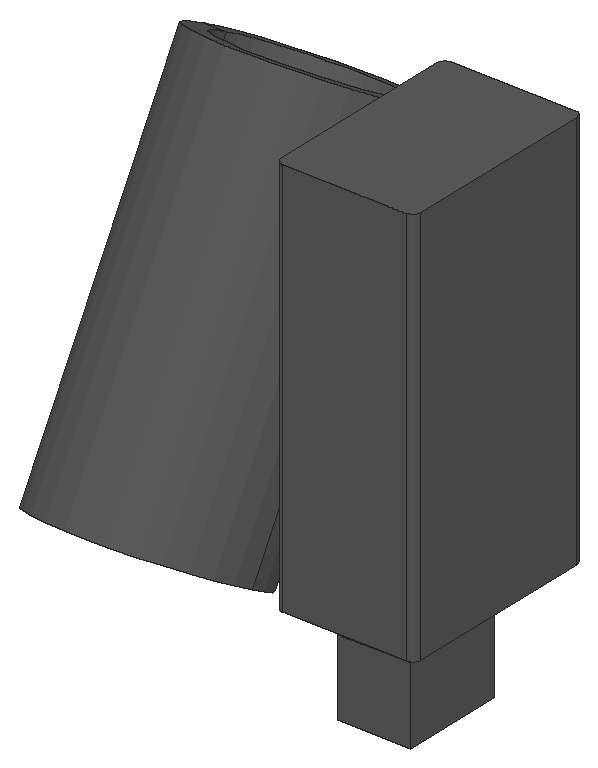
Revit family "AKTMDLED", category Lighting Fixtures, host Face, Revit 2014
Parameters (values of type "AKTMDLED-BL")
  zz Angle1 = if(Tilt Angle < 10.00°, 10.00°, if(Tilt Angle > 160.00°, 160.00°, Tilt Angle))  # 120.00°
  Wattage Comments = "24 W"
  Voltage = 120 V
  URL = "https://www.hubbell.com/prescolite/en"
  Total Input Wattage = 24 W
  Tilt Angle = 120.00°
  Power Factor = 1
  Load Classification = Lighting
  Lens = Hubbell-Glass
  Product Page URL = "https://www.hubbell.com/prescolite/en/Products/Lighting-Controls/Commercial-Indoor-Lighting/Track-Lighting-Systems/AKTMDLED/p/2057655"
  Product Documentation Link = "https://hubbellcdn.com/specsheet/atrk_051.pdf"
  Photometric Web [instance] = Web : AKTMDLED15L30K8FL35BL
  Model = "AKTMDLED"  # constant formula
  Manufacturer = "Prescolite"  # constant formula
  Lamp = "LED"
  Fixture Color = Hubbell-Paint-Black
  Features = "High Output - 900 up to 2500 delivered lumens\r\nAvailable in 2700K, 3000K, or 3500K\r\n80 or 90 CRI\r\n2-Step MacAdam Ellipse Color Consistency\r\nFactory configurable beam spread options - 18° to 55°\r\nHigh performance driver compatible with forward and reverse phases dimming controls\r\nEquipped with integral heat sink providing a minimum of 50,000 hrs at 80% lumen maintenance\r\nLuminaires are certified by a National Recognized Testing Lab (NTRL), either UL or CSA\r\n5-year warranty"  # constant formula
  Description = "The AKTM Series of line voltage LED track heads provide powerful, high quality light for commercial and retail applications with long life and significant energy savings."  # constant formula
  Default Elevation = 48.000"
  Contact = "https://www.hubbell.com/prescolite/en/contactUs"
  Assembly Code = "D5020210"
  Application = "Meeting Room, Commons Areas, Classrooms and Offices, Halls/Dorms, Lobby, Conference Room"  # constant formula
  Apparent Load = Total Input Wattage / Power Factor  # 24 VA
Types (2): name | Photometric Web | Fixture Color
  AKTMDLED-BL | Web : AKTMDLED15L30K8FL35BL | Hubbell-Paint-Black
  AKTMDLED-WH | Web : AKTMDLED15L30K8MD25BL | Hubbell-Paint-White
Reference planes (in)
  plane 1 "Center (Front/Back)": y = 0
  plane 2: z = 0
  plane 3 "Center (Left/Right)": x = 0
  plane 4: z = 4
  plane 5: z = 0.2
  plane 6: z = 6.75
  plane 7: y = 1.375
  plane 8: y = -1.375
  plane 9: x = 1.75
  plane 10: x = 0.24994
  plane 11: z = 1.5
  plane 12: z = 1
  plane 13: y = 0.375
  plane 14: y = -0.3125
  plane 15: x = 0.99997
  plane 16: x = 0.74997
  plane 17: x = 1.24997
  plane 18: y = 0.66082
  plane 19: y = -0.69429
  plane 20: x = 1.94994
  plane 21: x = 1.48164
  plane 22: x = 0.52734
  plane 23: x = 2.07494
Forms (in)
  Extrusion 1, solid, material "Hubbell-Paint-Black" <- "Fixture Color"
    sketch origin (0, 0, 0) x (0, 1, 0) y (0, 0, 1)
      loop
        circle (0, 4) r 0.25
    from -0.25 to 0.25
  Extrusion 2, solid, material "Hubbell-Paint-Black" <- "Fixture Color"
    sketch origin (0, 0, 0) x (1, 0, 0) y (0, 1, 0)
      loop
        arc (0.34994, 1.375) -> (0.27923, 1.34571) -> (0.24994, 1.275) r 0.1
        line (0.24994, 1.275) -> (0.24994, -1.275)
        arc (0.24994, -1.275) -> (0.27923, -1.34571) -> (0.34994, -1.375) r 0.1
        line (0.34994, -1.375) -> (1.97494, -1.375)
        arc (1.97494, -1.375) -> (2.04565, -1.34571) -> (2.07494, -1.275) r 0.1
        line (2.07494, -1.275) -> (2.07494, 1.275)
        arc (2.07494, 1.275) -> (2.04565, 1.34571) -> (1.97494, 1.375) r 0.1
        line (1.97494, 1.375) -> (0.34994, 1.375)
    from 1.5 to 6.75
  Extrusion 3, solid, material "Hubbell-Paint-Black" <- "Fixture Color"
    sketch origin (0, 0, 0) x (1, 0, 0) y (0, 1, 0)
      loop
        line (0.74997, 0.375) -> (0.74997, -0.3125) -> (1.24997, -0.3125) -> (1.24997, 0.375) -> (0.74997, 0.375)
    from 1 to 1.5
  Extrusion 4, solid, material "Hubbell-Paint-Black" <- "Fixture Color"
    sketch origin (0, 0, 0) x (1, 0, 0) y (0, 1, 0)
      loop
        line (0.52734, 0.66082) -> (0.52734, -0.69429) -> (1.48164, -0.69429) -> (1.48164, 0.66082) -> (0.52734, 0.66082)
    from 0 to 1
Cuts and joins
  joined: Extrusion 2, Extrusion 3, Extrusion 4
Lines and regions (in)
  reference lines
    curve 1: line (1.75, 0, 0) -> (2.55045, 0, 0)
Dimensions and locks (in)
  locked: plane 5 to plane 2 at 0.2
  locked: plane 4 to plane 2 at 4
  locked: plane 6 to plane 4 at 2.75
  equal spacing: plane 7, plane 1 "Center (Front/Back)", plane 8
  plane 7 to plane 8 = 2.750"
  locked: plane 8 to plane 1 "Center (Front/Back)" at 1.375
  locked: plane 10 to plane 9 at 1.50006
  plane 4 to plane 11 = 2.500"
  locked: plane 11 to plane 12 at 0.5
  plane 12 to plane 2 = 1.000"
  locked: plane 7 to plane 13 at 1
  locked: plane 14 to plane 1 "Center (Front/Back)" at 0.3125
  equal spacing: plane 10, plane 15, plane 9, locked at 0.75003 each
  plane 16 to plane 15 to plane 17 = 0.250" locked, 0.250" locked
  plane 18 to plane 1 "Center (Front/Back)" to plane 19 = 0.66082" locked, 0.69429" locked
  locked: nested 1 to plane 20 at 4.75
  plane 22 to plane 15 to plane 21 = 0.47263" locked, 0.48167" locked
  locked: plane 20 to plane 23 at 0.125
  "zz Angle1": angle plane 1 "Center (Front/Back)" to nested 1
  aligned and locked: plane 2 to host face
  aligned and locked: level to host face
  aligned and locked: plane 4 to nested 1
  aligned and locked: plane 1 "Center (Front/Back)" to nested 1
  aligned and locked: Extrusion 2 sketch curve to plane 7
  aligned and locked: Extrusion 2 sketch curve to plane 10
  aligned and locked: plane 8 to Extrusion 2 sketch curve
  aligned and locked: plane 6 to Extrusion 2
  aligned and locked: Extrusion 2 to plane 11
  aligned and locked: Extrusion 3 sketch curve to plane 13
  aligned and locked: Extrusion 3 sketch curve to plane 16
  aligned and locked: Extrusion 3 sketch curve to plane 14
  aligned and locked: plane 17 to Extrusion 3 sketch curve
  aligned and locked: Extrusion 3 to plane 12
  aligned and locked: Extrusion 3 to Extrusion 2
  aligned and locked: Extrusion 4 sketch curve to plane 18
  aligned and locked: plane 19 to Extrusion 4 sketch curve
  aligned and locked: Extrusion 4 to plane 2
  aligned and locked: plane 12 to Extrusion 4
  aligned and locked: plane 21 to cut or joined group of Extrusion 2, Extrusion 3, Extrusion 4
  aligned and locked: plane 22 to cut or joined group of Extrusion 2, Extrusion 3, Extrusion 4
  aligned and locked: nested 2 to nested 1  (x2)
  aligned and locked: plane 23 to Extrusion 2 sketch curve
Automatic sketch dimensions
  host sketch curve to host sketch curve = 96.000"  (x2)
  plane 1 "Center (Front/Back)" to curve 1 = 0.000"
  plane 3 "Center (Left/Right)" to curve 1 = 1.750"
  curve 1 to curve 1 = 0.80045"
  Extrusion 1 sketch curve to Extrusion 1 sketch curve = 0.000"  (x2)
  Extrusion 1 sketch curve to plane 4 = 0.000"
  Extrusion 1 sketch curve to plane 1 "Center (Front/Back)" = 0.000"
  plane 1 "Center (Front/Back)" to Extrusion 1 sketch curve = 0.250"
  plane 16 to Extrusion 4 sketch curve = 0.22263"
  Extrusion 4 sketch curve to plane 17 = 0.23167"
  Extrusion 2 sketch curve to plane 10 = 0.100"  (x2)
  Extrusion 2 sketch curve to plane 20 = 0.025"  (x2)
Nested families (in)
  nested 1: "AKTMDLED Model" at (-0.00006, 0, 4) x (0, 0.866, -0.5) z (1, 0, 0), type "AKTMDLED Model"
  nested 2: "Web" at (-1.46505, 0.91805, 6.06804) x (0, -0.866, 0.5) z (0, 0.5, 0.866), type <- "Photometric Web", type "AKTMDLED15L30K8FL35BL"
Connectors (in)
  electrical at (1.00449, -0.01673, 0), driven by "Voltage", driven by "Apparent Load", driven by "Load Classification", driven by "Power Factor"
    settings: on cut or joined group of Extrusion 2, Extrusion 3, Extrusion 4, index 1, voltage 120 V, apparent load 24 VA, apparent load phase1 0 VA, apparent load phase2 0 VA, apparent load phase3 0 VA, power factor 1, load classification "Lighting", number of poles 1, system type 30, power factor state 1, is connector primary yes, connector utility no, sub classification motor no, connector description "Lighting Connector"
Definition of nested family "AKTMDLED Model"
  Parameters (values of type "AKTMDLED Model")
    URL = ""
    Product Page URL = ""
    Product Documentation Link = ""
    Manufacturer Phone = ""
    Manufacturer Fax = ""
    Manufacturer = ""
    Lens = Hubbell-Glass
    Finish = Hubbell-Paint-White
  Reference planes (in)
    plane 1 "Center (Front/Back)": y = 0
    plane 2: z = 0
    plane 3 "Center (Left/Right)": x = 0
    plane 4: y = 4.5
    plane 5: x = -4.246
    plane 6: y = 2.25
    plane 7: z = 0.25
    plane 8: z = -0.25
    plane 9: z = 0
    plane 10: through (0, 0, 48) normal (0.8192, 0.5736, 0)
    plane 11: y = 0
    plane 12: x = -1.375
  Forms (in)
    Extrusion 1, solid, material "Hubbell-Paint-White" <- "Finish"
      sketch origin (0, 0, 0) x (1, 0, 0) y (0, 1, 0)
        loop
          circle (0, 0) r 0.25
      from -0.25 to 0.25
    Revolve 2, solid, material "Hubbell-Paint-White" <- "Finish"
      sketch origin (0, 0, 0) x (0, 1, 0) y (0, 0, -1)
        loop
          line (2.5, 2.8) -> (-2.75, 2.8) -> (-2.75, 1.425) -> (0.59307, 1.425) -> (0.59307, 2.5) -> (2.5, 2.5) -> (2.5, 2.8)
        axis (2.5, 1.425) -> (-2.75, 1.425)
      angle from 0 to 360
    Revolve 3, solid, material "Hubbell-Glass" <- "Lens"
      sketch origin (0, 0, 0) x (0, 1, 0) y (0, 0, 1)
        loop
          line (2.15, -0.34414) -> (2.15, -1.425) -> (2.25, -1.425) -> (2.25, -0.34414) -> (2.15, -0.34414)
        axis (2.15, -1.425) -> (2.25, -1.425)
      angle from 0 to 360
  Cuts and joins
    joined: Extrusion 1, Revolve 2
  Lines and regions (in)
    reference lines
      curve 1: line (0, 0, 0) -> (0.87865, 0, 0)
      curve 2: line (0, 0, 0) -> (0, 0.29239, 0)
      curve 3: line (0, 3.06075, -1.425) -> (0, -2.75, -1.425)
    model lines, not visible
      curve 4: line (-1.375, 0, -1.425) -> (1.625, 0, -1.425)
      curve 5: line (0, 0, 0.74748) -> (0, 0, -4.17138)
    model lines
      curve 6: line (-1.375, -2.75, -1.425) -> (-1.375, -0.25, -1.425)
      curve 7: line (-1.36416, -2.75, -1.25267) -> (-1.36416, -0.25, -1.25267)
      curve 8: line (-1.36416, -2.75, -1.59733) -> (-1.36416, -0.25, -1.59733)
      curve 9: line (-1.3318, -2.75, -1.76695) -> (-1.3318, -0.25, -1.76695)
      curve 10: line (-1.27844, -2.75, -1.93117) -> (-1.27844, -0.25, -1.93117)
      curve 11: line (-1.20492, -2.75, -2.08741) -> (-1.20492, -0.25, -2.08741)
      curve 12: line (-1.1124, -2.75, -2.2332) -> (-1.1124, -0.25, -2.2332)
      curve 13: line (-1.00233, -2.75, -2.36625) -> (-1.00233, -0.25, -2.36625)
      curve 14: line (-0.87646, -2.75, -2.48446) -> (-0.87646, -0.25, -2.48446)
      curve 15: line (-0.73676, -2.75, -2.58595) -> (-0.73676, -0.25, -2.58595)
      curve 16: line (-0.58545, -2.75, -2.66914) -> (-0.58545, -0.25, -2.66914)
      curve 17: line (-0.4249, -2.75, -2.7327) -> (-0.4249, -0.25, -2.7327)
      curve 18: line (-0.25765, -2.75, -2.77564) -> (-0.25765, -0.25, -2.77564)
      curve 19: line (-0.08634, -2.75, -2.79729) -> (-0.08634, -0.25, -2.79729)
      curve 20: line (0.08634, -2.75, -2.79729) -> (0.08634, -0.25, -2.79729)
      curve 21: line (0.25765, -2.75, -2.77564) -> (0.25765, -0.25, -2.77564)
      curve 22: line (0.4249, -2.75, -2.7327) -> (0.4249, -0.25, -2.7327)
      curve 23: line (0.58545, -2.75, -2.66914) -> (0.58545, -0.25, -2.66914)
      curve 24: line (0.73676, -2.75, -2.58595) -> (0.73676, -0.25, -2.58595)
      curve 25: line (0.87646, -2.75, -2.48446) -> (0.87646, -0.25, -2.48446)
      curve 26: line (1.00233, -2.75, -2.36625) -> (1.00233, -0.25, -2.36625)
      curve 27: line (1.1124, -2.75, -2.2332) -> (1.1124, -0.25, -2.2332)
      curve 28: line (1.20492, -2.75, -2.08741) -> (1.20492, -0.25, -2.08741)
      curve 29: line (1.27844, -2.75, -1.93117) -> (1.27844, -0.25, -1.93117)
      curve 30: line (1.3318, -2.75, -1.76695) -> (1.3318, -0.25, -1.76695)
      curve 31: line (1.36416, -2.75, -1.59733) -> (1.36416, -0.25, -1.59733)
      curve 32: line (1.375, -2.75, -1.425) -> (1.375, -0.25, -1.425)
      curve 33: line (1.36416, -2.75, -1.25267) -> (1.36416, -0.25, -1.25267)
      curve 34: line (1.3318, -2.75, -1.08305) -> (1.3318, -0.25, -1.08305)
      curve 35: line (1.27844, -2.75, -0.91883) -> (1.27844, -0.25, -0.91883)
      curve 36: line (1.20492, -2.75, -0.76259) -> (1.20492, -0.25, -0.76259)
      curve 37: line (1.1124, -2.75, -0.6168) -> (1.1124, -0.25, -0.6168)
      curve 38: line (1.00233, -2.75, -0.48375) -> (1.00233, -0.25, -0.48375)
      curve 39: line (0.87646, -2.75, -0.36554) -> (0.87646, -0.25, -0.36554)
      curve 40: line (0.73676, -2.75, -0.26405) -> (0.73676, -0.25, -0.26405)
      curve 41: line (0.58545, -2.75, -0.18086) -> (0.58545, -0.25, -0.18086)
      curve 42: line (0.4249, -2.75, -0.1173) -> (0.4249, -0.25, -0.1173)
      curve 43: line (0.25765, -2.75, -0.07436) -> (0.25765, -0.25, -0.07436)
      curve 44: line (0.08634, -2.75, -0.05271) -> (0.08634, -0.25, -0.05271)
      curve 45: line (-0.08634, -2.75, -0.05271) -> (-0.08634, -0.25, -0.05271)
      curve 46: line (-0.25765, -2.75, -0.07436) -> (-0.25765, -0.25, -0.07436)
      curve 47: line (-0.4249, -2.75, -0.1173) -> (-0.4249, -0.25, -0.1173)
      curve 48: line (-0.58545, -2.75, -0.18086) -> (-0.58545, -0.25, -0.18086)
      curve 49: line (-0.73676, -2.75, -0.26405) -> (-0.73676, -0.25, -0.26405)
      curve 50: line (-0.87646, -2.75, -0.36554) -> (-0.87646, -0.25, -0.36554)
      curve 51: line (-1.00233, -2.75, -0.48375) -> (-1.00233, -0.25, -0.48375)
      curve 52: line (-1.1124, -2.75, -0.6168) -> (-1.1124, -0.25, -0.6168)
      curve 53: line (-1.20492, -2.75, -0.76259) -> (-1.20492, -0.25, -0.76259)
      curve 54: line (-1.27844, -2.75, -0.91883) -> (-1.27844, -0.25, -0.91883)
      curve 55: line (-1.3318, -2.75, -1.08305) -> (-1.3318, -0.25, -1.08305)
  Dimensions and locks (in)
    equal spacing: plane 4, plane 6, plane 1 "Center (Front/Back)"
    plane 4 to plane 1 "Center (Front/Back)" = 4.500"
    locked: Revolve 2 sketch curve to plane 8 at 2.55
    Revolve 2 sketch curve to Revolve 2 sketch curve = 0.300"
    locked: Revolve 2 sketch curve to Revolve 2 sketch curve at 1.375
    aligned and locked: plane 8 to Extrusion 1
    aligned and locked: plane 7 to Extrusion 1
    aligned and locked: plane 11 to curve 1
    aligned and locked: Revolve 2 sketch curve to Revolve 2 sketch curve
    aligned and locked: Revolve 3 sketch curve to Revolve 3 sketch curve
  Automatic sketch dimensions
    plane 1 "Center (Front/Back)" to Extrusion 1 sketch curve = 0.000"
    Extrusion 1 sketch curve to plane 3 "Center (Left/Right)" = 0.000"
    curve 2 to plane 3 "Center (Left/Right)" = 0.000"
    plane 3 "Center (Left/Right)" to curve 1 = 0.87865"
    curve 1 to curve 2 = 0.29239"
    plane 1 "Center (Front/Back)" to Revolve 2 sketch curve = 0.59307"
    Revolve 2 sketch curve to Revolve 2 sketch curve = 3.34307"
    Revolve 2 sketch curve to Revolve 2 sketch curve = 1.17543"
    Revolve 2 sketch curve to plane 6 = 0.250"
    plane 4 to Revolve 2 sketch curve = 0.92543"
    Revolve 3 sketch curve to plane 6 = 0.000"
    Revolve 3 sketch curve to plane 6 = 0.100"
    Revolve 3 sketch curve to Revolve 3 sketch curve = 0.76529"
    plane 8 to Revolve 3 sketch curve = 1.175"
    plane 1 "Center (Front/Back)" to Revolve 3 sketch curve = 2.750"
    plane 8 to Revolve 3 sketch curve = 0.09414"
    plane 8 to curve 3 = 1.175"
    plane 1 "Center (Front/Back)" to curve 3 = 2.750"
    plane 6 to curve 3 = 0.81075"
    curve 5 to plane 3 "Center (Left/Right)" = 0.000"
    curve 4 to plane 3 "Center (Left/Right)" = 1.375"
    plane 3 "Center (Left/Right)" to curve 4 = 1.625"
    plane 8 to curve 5 = 3.92138"
    plane 8 to curve 4 = 1.175"
    plane 7 to curve 5 = 0.49748"
    radius of Extrusion 1 sketch curve = 0.250"
Definition of nested family "Web"
  Parameters (values of type "AKTMDLED15L30K8XFL55BL")
    Wattage Comments = ""
    Wattage = 22.8 W
    built-in parameter 1150110 = 1 (stored number, unit not read)
    URL = ""
    built-in parameter 1114217 = 1 (stored number, unit not read)
    Tilt Angle = 90.00°
    built-in parameter 1150109 = 1 (stored number, unit not read)
    built-in parameter 1150134 = (empty or 0)
    built-in parameter 1150113 = 1 (stored number, unit not read)
    Product Page URL = ""
    Product Documentation Link = ""
    Photometric Web File = "AKTMDLED15L30K8XFL55BL.IES"
    Model = ""
    Manufacturer Phone = ""
    Manufacturer Fax = ""
    Manufacturer = ""
    built-in parameter 1150105 = 111.4 (stored number, unit not read)
    Lumens = 1399.92 lm
    built-in parameter 1150115 = 1 (stored number, unit not read)
    built-in parameter 1150137 = (empty or 0)
    built-in parameter 1150139 = (empty or 0)
    built-in parameter 1150112 = 1 (stored number, unit not read)
    built-in parameter 1150114 = 1 (stored number, unit not read)
    Lamp = ""
    built-in parameter 1150132 = (empty or 0)
    built-in parameter 1150102 = (empty or 0)
    built-in parameter 1150107 = 3000 (stored number, unit not read)
    built-in parameter 1150138 = (empty or 0)
    built-in parameter 1150106 = 1.114 (stored number, unit not read)
    Emit from Circle Diameter = 2.150"  # constant formula
    Emit Shape Visible in Rendering = no
    built-in parameter 1150104 = 5.7042 (stored number, unit not read)
    Dimming Lamp Color Temperature Shift = (empty or 0)
    Description = ""
    Default Elevation = 48.000"
    Color Filter = 16777215
    Beam Spread = "55 Degree Cutoff"
    built-in parameter 1114218 = 1 (stored number, unit not read)
    built-in parameter 1150133 = 10 (stored number, unit not read)
    Apparent Load = 0 VA
  Types (3): name | Wattage | Photometric Web File | built-in parameter 1150105 | Lumens | built-in parameter 1150106 | built-in parameter 1150104 | Beam Spread
    AKTMDLED15L30K8FL35BL | 20.8 W | "AKTMDLED15L30K8FL35BL.IES" | 112.89 (stored number, unit not read) | 1418.56 lm | 1.1289 (stored number, unit not read) | 6.336 (stored number, unit not read) | "35 Degree Cutoff"
    AKTMDLED15L30K8MD25BL | 22.8 W | "AKTMDLED15L30K8MD25BL.IES" | 118.66 (stored number, unit not read) | 1491.12 lm | 1.1866 (stored number, unit not read) | 6.0759 (stored number, unit not read) | "25 Degree Cutoff"
    AKTMDLED15L30K8XFL55BL | 22.8 W | "AKTMDLED15L30K8XFL55BL.IES" | 111.4 (stored number, unit not read) | 1399.92 lm | 1.114 (stored number, unit not read) | 5.7042 (stored number, unit not read) | "55 Degree Cutoff"
  Reference planes (in)
    plane 1 "Center (Front/Back)": y = 0.03999
    plane 2: z = 0
    plane 3 "Center (Left/Right)": x = -0.23896
  Forms (in)
    Extrusion 1, solid
      sketch origin (0, 0, 0.06357) x (1, 0, 0) y (0, 1, 0)
        loop
          line (-48, 48) -> (-48, -48) -> (48, -48) -> (48, 48) -> (-48, 48)
      from -0.06357 to -17.74365
  Lines and regions (in)
    reference lines
      curve 1: line (-0.23896, 0.03999, 18.11448) -> (-0.23896, 0.03999, -22.88552)
      curve 2: line (-0.23896, 0.03999, 34) -> (-0.23896, 0.03999, -22.88552)
  Dimensions and locks (in)
    aligned and locked: plane 2 to Extrusion 1
    aligned and locked: level to Extrusion 1
    aligned and locked: curve 1 to plane 3 "Center (Left/Right)"
    aligned and locked: plane 1 "Center (Front/Back)" to curve 2
    aligned and locked: imposter light to plane 1 "Center (Front/Back)"
